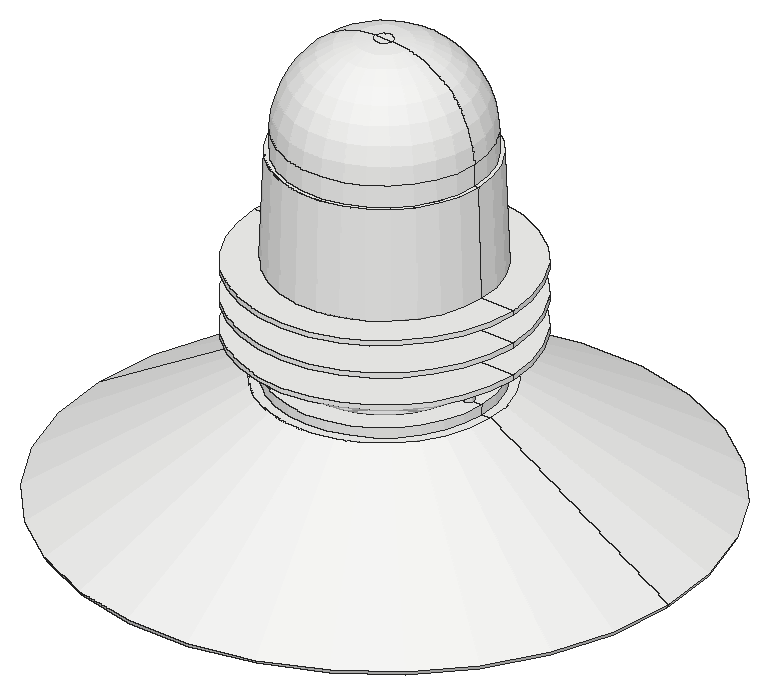
Revit family "UCS Retrofit", category Lighting Fixtures, Revit 2012
Parameters (values of type "16" ø STR 70 Watt MH-FCO")
  Wattage Comments = "70 watt medium base clear ED-17 MH"
  Voltage = 120 V  # constant formula
  URL = "www.aal.net"
  Type Comments = "on relamp door. full cutoff"
  Series = "Universe"  # constant formula
  Straight Hood = yes
  Skirted Bell Hood = no
  Revision Date = "02/22/2010"  # constant formula
  Photometric Web = Web UCS : UCS-FLR-70MH-FCO
  Default elevation = 0.000"
  Note Visible = yes
  External Housing Radius = 8.000"
  Housing Radius = 2.75391"  # constant formula
  Power Factor = 1  # constant formula
  OmniClass Title = "Post-Top Lighting"  # constant formula
  OmniClass Number = "23.80.70.14.11.14"  # constant formula
  Number of Poles = 1
  Note Text = "LF"  # constant formula
  Model = "UCS"  # constant formula
  MasterFormat Title = "Area Lighting"  # constant formula
  MasterFormat Number = "26.56.29"  # constant formula
  Manufacturer = "Architectural Area Lighting"  # constant formula
  Lamp = "Metal Halide"
  LEED = "www.usgbc.org"
  Housing Material = Aluminum-AAL-Artic White
  Housing Height = 12.68359"
  Glass Material = Glass-AAL-Acrylic
  Full Load Current = 0.73 A  # constant formula
  Frequency = 60 Hz  # constant formula
  Flared Hood = no
  Description = "Lighting Fixture"  # constant formula
  Assembly Code = "D5020200"
  Architectural Design Manual = "http://cdn.aal.net/content/products/specs/specs_files/aal_ucs_spec.pdf"
  Apparent Load = 70 VA
Types (6): name | Wattage Comments | Type Comments | Straight Hood | Skirted Bell Hood | External Housing Radius | Lamp | Housing Height | Flared Hood | Architectural Design Manual | Apparent Load
  (no name) | "70 watt medium base clear ED-17 MH" | "on relamp door. full cutoff" | yes | no | 8.000" | "Metal Halide" | 12.68359" | no | "http://cdn.aal.net/content/products/specs/specs_files/aal_ucs_spec.pdf" | 70 VA
  13" ø FLR 70 Watt MH-FCO | "70 watt medium base clear ED-17 HM lamp" | "with opal glass lens" | no | no | 7.500" | "Metal Halide" | 13.000" | yes | "www.aal.net/sections/downloads/html/downloads.html" | 70 VA
  16" ø SKB 70 Watt MH-FCO | "70 watt medium base clear ED-17 HM lamp" | "with skirted bell hood, full cutoff" | no | yes | 7.500" | "Metal Halide" | 16.000" | no | "www.aal.net/sections/downloads/html/downloads.html" | 70 VA
  16" ø STR 42 Watt CFL | "42 watt CFL" | "on relamp door" | yes | no | 8.000" | "Compact Fluorescent" | 12.68359" | no | "www.aal.net/sections/downloads/html/downloads.html" | 42 VA
  16" ø STR 70 Watt MH | "70 watt medium base clear E-17 MH" | "on relamp door" | yes | no | 8.000" | "Metal Halide" | 12.68359" | no | "www.aal.net/sections/downloads/html/downloads.html" | 70 VA
  16" ø STR 70 Watt MH-FCO | "70 watt medium base clear ED-17 MH" | "on relamp door. full cutoff" | yes | no | 8.000" | "Metal Halide" | 12.68359" | no | "http://cdn.aal.net/content/products/specs/specs_files/aal_ucs_spec.pdf" | 70 VA
Reference planes (in)
  plane 1 "Light Source Axis (F/B)": y = 0
  plane 2 "Bottom": z = 0
  plane 3 "Light Source Axis (L/R)": x = 0
  plane 4 "Light Source Elevation": z = 6.3418
  plane 5 "Top": z = 12.68359
  plane 6: x = 2.75391
  plane 7: x = 8
Forms (in)
  Revolve 1, solid, material "Aluminum-AAL-Artic White" <- "Housing Material", detail levels fine
    sketch origin (0, 0, 0) x (1, 0, 0) y (0, 0, 1)
      loop
        line (3.62779, 5.48889) -> (2.19682, 5.48889) -> (2.19682, 5.36389) -> (3.62779, 5.36389) -> (3.62779, 5.48889)
      loop
        line (3.62779, 6.29889) -> (2.19682, 6.29889) -> (2.19682, 6.17389) -> (3.62779, 6.17389) -> (3.62779, 6.29889)
      loop
        line (3.62779, 7.11139) -> (2.75391, 7.11139) -> (2.65787, 9.86139) -> (2.54931, 9.86139) -> (2.53096, 10.38688)
        arc (2.53096, 10.38688) -> (1.85827, 12.0109) -> (0.23425, 12.68359) r 2.29671
        line (0.23425, 12.68359) -> (0, 12.68359) -> (0, 12.55859) -> (0.23425, 12.55859)
        arc (0.23425, 12.55859) -> (1.39548, 12.22206) -> (2.19682, 11.31675) r 2.17171
        line (2.19682, 11.31675) -> (2.19682, 6.98639) -> (3.62779, 6.98639) -> (3.62779, 7.11139)
      axis (0, 12.68359) -> (0, 5.36389)
    angle from 0 to 360
  Revolve 2, solid, material "Glass-AAL-Acrylic" <- "Glass Material", detail levels medium+fine
    sketch origin (0, 0, 0) x (1, 0, 0) y (0, 0, 1)
      loop
        line (2.16785, 7.11139) -> (2.10535, 7.11139) -> (2.10535, 2.16785)
        arc (2.10535, 2.16785) -> (1.48871, 0.67914) -> (0, 0.0625) r 2.10535
        line (0, 0.0625) -> (0, 0)
        arc (0, 0) -> (1.5329, 0.63495) -> (2.16785, 2.16785) r 2.16785
        line (2.16785, 2.16785) -> (2.16785, 7.11139)
      axis (0, 7.11139) -> (0, 0)
    angle from 0 to 360
  Revolve 3, solid, material "Aluminum-AAL-Artic White" <- "Housing Material", detail levels coarse+medium
    sketch origin (0, 0, 0) x (1, 0, 0) y (0, 0, 1)
      loop
        line (8, 1.23024) -> (3.00186, 4.17711) -> (2.75391, 4.17711) -> (2.75391, 7.11139) -> (2.75391, 9.92969)
        arc (2.75391, 9.92969) -> (1.94731, 11.87699) -> (0, 12.68359) r 2.75391
        line (0, 12.68359) -> (0, 7.11139) -> (2.16795, 7.11139) -> (2.16795, 4.05211) -> (2.96775, 4.05211) -> (7.93651, 1.12256) -> (8, 1.23024)
      axis (0, 12.68359) -> (0, 1.12256)
    angle from 0 to 360
  Revolve 4, solid, material "Aluminum-AAL-Artic White" <- "Housing Material", visible <- "Straight Hood", detail levels fine
    sketch origin (-12, 0, 0) x (1, 0, 0) y (0, 0, 1)
      loop
        line (15.00186, 4.17711) -> (14.75391, 4.17711) -> (14.75391, 4.42711) -> (14.16892, 4.42711) -> (14.16892, 4.30211) -> (14.62891, 4.05211) -> (14.96775, 4.05211) -> (19.93651, 1.12256) -> (20, 1.23024) -> (15.00186, 4.17711)
      axis (12, 4.42711) -> (12, 1.12256)
    angle from 0 to 360
  Revolve 5, solid, material "Aluminum-AAL-Artic White" <- "Housing Material", visible <- "Skirted Bell Hood", detail levels fine
    sketch origin (0, 0, 0) x (1, 0, 0) y (0, 0, 1)
      loop
        arc (7.13166, 1.23024) -> (5.35604, 3.39459) -> (2.75391, 4.42711) r 5.59204
        line (2.75391, 4.42711) -> (2.16785, 4.42711) -> (2.16785, 4.30211) -> (2.74606, 4.30211)
        arc (2.74606, 4.30211) -> (5.29, 3.28803) -> (7.02297, 1.16746) r 5.46704
        line (7.02297, 1.16746) -> (7.847, 0) -> (8, 0) -> (7.13166, 1.23024)
      axis (0, 4.42711) -> (0, 0)
    angle from 0 to 360
  Revolve 6, solid, material "Aluminum-AAL-Artic White" <- "Housing Material", visible <- "Flared Hood", detail levels fine
    sketch origin (0, 0, 0) x (1, 0, 0) y (0, 0, 1)
      loop
        line (2.16639, 4.42711) -> (2.16639, 4.30211) -> (2.62891, 4.1504)
        arc (2.62891, 4.1504) -> (4.7836, 1.6526) -> (7.63854, 0) r 9.91422
        line (7.63854, 0) -> (8, 0)
        arc (8, 0) -> (5.00829, 1.62554) -> (2.75391, 4.17711) r 9.79355
        line (2.75391, 4.17711) -> (2.75391, 4.42711) -> (2.16639, 4.42711)
      axis (0, 4.42711) -> (0, 0)
    angle from 0 to 360
  Extrusion 7, solid, material "Aluminum-AAL-Artic White" <- "Housing Material", detail levels fine
    sketch origin (0, 0, 6.3418) x (0, -1, 0) y (1, 0, 0)
      loop
        circle (0, -2.375) r 0.125
      loop
        circle (0, 2.375) r 0.125
    from -1.91469 to 0.64459
Lines and regions (in)
  Masking region 1, detail levels coarse
    outline origin (0, 0, 0) x (1, 0, 0) y (0, 0, 1)
      loop
        line (8, 0) -> (2.75391, 6.3418) -> (2.75391, 9.92969)
        arc (2.75391, 9.92969) -> (0, 12.68359) -> (-2.75391, 9.92969) r 2.75391
        line (-2.75391, 9.92969) -> (-2.75391, 6.3418) -> (-8, 0) -> (8, 0)
  Masking region 2, detail levels medium+fine
    outline origin (0, 0, 0) x (1, 0, 0) y (0, 0, 1)
      loop
        line (3.62779, 5.48889) -> (2.16785, 5.48889) -> (2.16785, 6.17389) -> (3.62779, 6.17389) -> (3.62779, 6.29889) -> (2.16785, 6.29889) -> (2.16785, 6.98639) -> (3.62779, 6.98639) -> (3.62779, 7.11139) -> (2.75391, 7.11139) -> (2.65787, 9.86139) -> (2.52034, 9.86139) -> (2.50199, 10.38688)
        arc (2.50199, 10.38688) -> (1.8293, 12.0109) -> (0.20528, 12.68359) r 2.29671
        line (0.20528, 12.68359) -> (-0.20528, 12.68359)
        arc (-0.20528, 12.68359) -> (-1.8293, 12.0109) -> (-2.50199, 10.38688) r 2.29671
        line (-2.50199, 10.38688) -> (-2.52034, 9.86139) -> (-2.65787, 9.86139) -> (-2.75391, 7.11139) -> (-3.62779, 7.11139) -> (-3.62779, 6.98639) -> (-2.16785, 6.98639) -> (-2.16785, 6.29889) -> (-3.62779, 6.29889) -> (-3.62779, 6.17389) -> (-2.16785, 6.17389) -> (-2.16785, 5.48889) -> (-3.62779, 5.48889) -> (-3.62779, 5.36389) -> (-2.16785, 5.36389) -> (-2.16785, 4.42711) -> (2.16785, 4.42711) -> (2.16785, 5.36389) -> (3.62779, 5.36389) -> (3.62779, 5.48889)
  Masking region 3, detail levels coarse
    outline origin (0, 0, 0) x (0, 1, 0) y (0, 0, 1)
      loop
        line (8, 0) -> (2.75391, 5.24609) -> (2.75391, 9.92969)
        arc (2.75391, 9.92969) -> (0, 12.68359) -> (-2.75391, 9.92969) r 2.75391
        line (-2.75391, 9.92969) -> (-2.75391, 5.24609) -> (-8, 0) -> (8, 0)
  Masking region 4, detail levels medium+fine
    outline origin (0, 0, 0) x (0, 1, 0) y (0, 0, 1)
      loop
        line (-3.62779, 5.48889) -> (-3.62779, 5.36389) -> (-2.17088, 5.36389) -> (-2.17088, 4.42711) -> (2.17088, 4.42711) -> (2.17088, 5.36389) -> (3.62779, 5.36389) -> (3.62779, 5.48889) -> (2.17088, 5.48889) -> (2.17088, 6.17389) -> (3.62779, 6.17389) -> (3.62779, 6.29889) -> (2.17088, 6.29889) -> (2.17088, 6.98639) -> (3.62779, 6.98639) -> (3.62779, 7.11139) -> (2.75391, 7.11139) -> (2.65787, 9.86139) -> (2.52034, 9.86139) -> (2.50199, 10.38688)
        arc (2.50199, 10.38688) -> (1.8293, 12.0109) -> (0.20528, 12.68359) r 2.29671
        line (0.20528, 12.68359) -> (-0.20528, 12.68359)
        arc (-0.20528, 12.68359) -> (-1.8293, 12.0109) -> (-2.50199, 10.38688) r 2.29671
        line (-2.50199, 10.38688) -> (-2.52034, 9.86139) -> (-2.65787, 9.86139) -> (-2.75391, 7.11139) -> (-3.62779, 7.11139) -> (-3.62779, 6.98639) -> (-2.17088, 6.98639) -> (-2.17088, 6.29889) -> (-3.62779, 6.29889) -> (-3.62779, 6.17389) -> (-2.17088, 6.17389) -> (-2.17088, 5.48889) -> (-3.62779, 5.48889)
  Masking region 5, detail levels coarse
    outline origin (0, 0, 0) x (1, 0, 0) y (0, 1, 0)
      loop
        circle (0, 0) r 8
  Masking region 6, detail levels medium+fine
    outline origin (0, 0, 0) x (1, 0, 0) y (0, 1, 0)
      loop
        circle (0, 0) r 8
  Masking region 7, visible <- "Straight Hood", detail levels medium+fine
    outline origin (-18, 0, 0) x (1, 0, 0) y (0, 0, 1)
      loop
        arc (16.03583, 1.23024) -> (18, 0) -> (19.96417, 1.23024) r 2.18308
        line (19.96417, 1.23024) -> (26, 1.23024) -> (21.00186, 4.17711) -> (20.75391, 4.17711) -> (20.75391, 4.42711) -> (15.24609, 4.42711) -> (15.24609, 4.17711) -> (14.99814, 4.17711) -> (10, 1.23024) -> (16.03583, 1.23024)
  Masking region 8, visible <- "Skirted Bell Hood", detail levels medium+fine
    outline origin (0, 0, 0) x (1, 0, 0) y (0, 0, 1)
      loop
        arc (-2.75391, 4.42711) -> (-5.08311, 2.9859) -> (-7.18546, 1.23024) r 19.34857
        line (-7.18546, 1.23024) -> (-8, 0) -> (8, 0) -> (7.18546, 1.23024)
        arc (7.18546, 1.23024) -> (5.08311, 2.9859) -> (2.75391, 4.42711) r 19.34857
        line (2.75391, 4.42711) -> (-2.75391, 4.42711)
  Masking region 9, visible <- "Flared Hood", detail levels medium+fine
    outline origin (0, 0, 0) x (1, 0, 0) y (0, 0, 1)
      loop
        line (2.75391, 4.42711) -> (-2.75391, 4.42711) -> (-2.75391, 4.17711)
        arc (-2.75391, 4.17711) -> (-4.89285, 1.48056) -> (-8, 0) r 7.6214
        line (-8, 0) -> (8, 0)
        arc (8, 0) -> (4.89285, 1.48056) -> (2.75391, 4.17711) r 7.6214
        line (2.75391, 4.17711) -> (2.75391, 4.42711)
  Masking region 10, visible <- "Straight Hood", detail levels medium+fine
    outline origin (0, 24, 0) x (0, 1, 0) y (0, 0, 1)
      loop
        arc (-25.96407, 1.23024) -> (-24, 0) -> (-22.03593, 1.23024) r 2.18293
        line (-22.03593, 1.23024) -> (-16, 1.23024) -> (-20.99814, 4.17711) -> (-21.24609, 4.17711) -> (-21.24609, 4.42711) -> (-26.75391, 4.42711) -> (-26.75391, 4.17711) -> (-27.00186, 4.17711) -> (-32, 1.23024) -> (-25.96407, 1.23024)
  Masking region 11, visible <- "Skirted Bell Hood", detail levels medium+fine
    outline origin (0, 0, 0) x (0, 1, 0) y (0, 0, 1)
      loop
        arc (-2.75391, 5.19535) -> (-5.12222, 3.41091) -> (-7.13166, 1.23024) r 16.44859
        line (-7.13166, 1.23024) -> (-8, 0) -> (8, 0) -> (7.13166, 1.23024)
        arc (7.13166, 1.23024) -> (5.12222, 3.41091) -> (2.75391, 5.19535) r 16.44859
        line (2.75391, 5.19535) -> (-2.75391, 5.19535)
  Masking region 12, visible <- "Flared Hood", detail levels medium+fine
    outline origin (0, 0, 0) x (0, 1, 0) y (0, 0, 1)
      loop
        line (2.75391, 4.42711) -> (-2.75391, 4.42711) -> (-2.75391, 4.17711)
        arc (-2.75391, 4.17711) -> (-4.89897, 1.48825) -> (-8, 0) r 7.70915
        line (-8, 0) -> (8, 0)
        arc (8, 0) -> (4.89897, 1.48825) -> (2.75391, 4.17711) r 7.70915
        line (2.75391, 4.17711) -> (2.75391, 4.42711)
  symbolic lines, detail levels fine
    curve 1: line (3.62779, 0, 5.36389) -> (-3.62779, 0, 5.36389)
    curve 2: line (3.62779, 0, 5.48889) -> (-3.62779, 0, 5.48889)
    curve 3: line (3.62779, 0, 6.17389) -> (-3.62779, 0, 6.17389)
    curve 4: line (3.62779, 0, 6.29889) -> (-3.62779, 0, 6.29889)
    curve 5: line (3.62779, 0, 6.98639) -> (-3.62779, 0, 6.98639)
    curve 6: line (3.62779, 0, 7.11139) -> (-3.62779, 0, 7.11139)
    curve 7: line (2.52034, 0, 9.86139) -> (-2.52034, 0, 9.86139)
    curve 8: line (0, 2.75391, 6.08531) -> (0, -2.75391, 6.08531)
    curve 9: line (0, 3.62779, 5.36389) -> (0, -3.62779, 5.36389)
    curve 10: line (0, 3.62779, 5.48889) -> (0, -3.62779, 5.48889)
    curve 11: line (0, 3.62779, 6.17389) -> (0, -3.62779, 6.17389)
    curve 12: line (0, 3.62779, 6.29889) -> (0, -3.62779, 6.29889)
    curve 13: line (0, 3.62779, 6.98639) -> (0, -3.62779, 6.98639)
    curve 14: line (0, 3.62779, 7.11139) -> (0, -3.62779, 7.11139)
    curve 15: line (0, 2.52034, 9.86139) -> (0, -2.52034, 9.86139)
    curve 16: circle (0, 0, 0) r 3.62779 normal (0, 0, 1)
    curve 17: circle (0, 0, 0) r 2.19682 normal (0, 0, 1)
  symbolic lines, visible <- "Straight Hood", detail levels fine
    curve 18: line (2.75391, 0, 4.17711) -> (-2.75391, 0, 4.17711)
    curve 20: line (-2.75391, 0, 1.23024) -> (2.75391, 0, 1.23024)
    curve 22: line (0, 2.75391, 1.23024) -> (0, -2.75391, 1.23024)
  symbolic lines, visible <- "Skirted Bell Hood", detail levels fine
    curve 19: line (-7.18546, 0, 1.23024) -> (7.18546, 0, 1.23024)
    curve 23: line (0, -7.13166, 1.23024) -> (0, 7.13166, 1.23024)
  symbolic lines, visible <- "Flared Hood", detail levels fine
    curve 21: line (2.75391, 0, 4.17711) -> (-2.75391, 0, 4.17711)
    curve 24: line (0, 2.75391, 4.17711) -> (0, -2.75391, 4.17711)
  symbolic lines, style "LightingFixturesHiddenLines", detail levels coarse
    curve 25: line (5.65685, -5.65685, 0) -> (-5.65685, 5.65685, 0)
    curve 26: line (5.65685, 5.65685, 0) -> (-5.65685, -5.65685, 0)
  reference lines
    curve 27: circle (0, 0, 0) r 0.5 normal (0, 0, 1)
Dimensions and locks (in)
  "Housing Radius": plane 6 to plane 3 "Light Source Axis (L/R)"
  "External Housing Radius": plane 7 to plane 3 "Light Source Axis (L/R)"
  equal spacing: plane 5 "Top", plane 4 "Light Source Elevation", plane 2 "Bottom"
  "Housing Height": plane 5 "Top" to plane 2 "Bottom"
  Revolve 1 sketch curve to Revolve 1 sketch curve to Revolve 1 sketch curve to plane 6 to Revolve 1 sketch curve to Revolve 1 sketch curve to Revolve 1 sketch curve to Revolve 1 sketch curve to Revolve 1 sketch curve to Revolve 1 sketch curve to Revolve 1 sketch curve = 0.000", 0.000", 0.87388" locked, 0.000" locked, 0.09603" locked, 0.10856" locked, 0.01835" locked, 0.33414" locked, 0.000", 0.000"
  Revolve 1 sketch curve to Revolve 1 sketch curve to plane 4 "Light Source Elevation" to Revolve 1 sketch curve to Revolve 1 sketch curve to Revolve 1 sketch curve to Revolve 1 sketch curve = 0.125" locked, 0.64459" locked, 0.04291" locked, 0.125" locked, 0.685" locked, 0.125" locked
  plane 5 "Top" to Revolve 1 sketch curve to Revolve 1 sketch curve to Revolve 1 sketch curve to Revolve 1 sketch curve = 0.125" locked, 1.24185" locked, 0.92987" locked, 0.52549" locked
  Revolve 2 sketch curve to plane 2 "Bottom" to Revolve 2 sketch curve = 0.0625" locked, 0.000" locked
  locked: plane 5 "Top" to Revolve 2 sketch curve at 5.5722
  plane 6 to Revolve 2 sketch curve to Revolve 2 sketch curve = 0.58606" locked, 0.0625" locked
  Revolve 3 sketch curve to Revolve 3 sketch curve to plane 2 "Bottom" = 0.10768" locked, 1.12256" locked
  plane 7 to Revolve 3 sketch curve to Revolve 3 sketch curve = 0.000" locked, 0.06349" locked
  Revolve 3 sketch curve to Revolve 3 sketch curve to plane 6 to Revolve 3 sketch curve = 0.03411" locked, 0.21384" locked, 0.58595" locked
  plane 5 "Top" to Revolve 3 sketch curve to Revolve 3 sketch curve = 0.000" locked, 5.5722" locked
  plane 4 "Light Source Elevation" to Revolve 3 sketch curve to Revolve 3 sketch curve = 2.16469" locked, 0.125" locked
  locked: plane 5 "Top" to Masking region 1 sketch curve at 0
  Masking region 1 sketch curve to Masking region 1 sketch curve to plane 4 "Light Source Elevation" to Masking region 1 sketch curve to Masking region 1 sketch curve = 0.000" locked, 3.58789" locked, 0.000", 0.000"
  locked: plane 7 to Masking region 1 sketch curve at 0
  "External Housing Radius": plane 3 "Light Source Axis (L/R)" to Masking region 1 sketch curve
  Masking region 2 sketch curve to Masking region 2 sketch curve to plane 4 "Light Source Elevation" to Masking region 2 sketch curve to Masking region 2 sketch curve to Masking region 2 sketch curve to Masking region 2 sketch curve to Masking region 2 sketch curve = 0.125", 0.64459", 0.04291", 0.125", 0.685", 0.125", 0.93678"
  locked: plane 5 "Top" to Masking region 2 sketch curve at 2.8222
  equal spacing: Masking region 2 sketch curve, Masking region 2 sketch curve, Masking region 2 sketch curve, plane 6, Masking region 2 sketch curve, Masking region 2 sketch curve, Masking region 2 sketch curve, Masking region 2 sketch curve, Masking region 2 sketch curve, Masking region 2 sketch curve, Masking region 2 sketch curve
  equal spacing: Masking region 2 sketch curve, Masking region 2 sketch curve, Masking region 2 sketch curve, Masking region 2 sketch curve, Masking region 2 sketch curve, Masking region 2 sketch curve, Masking region 2 sketch curve, Masking region 2 sketch curve, Masking region 2 sketch curve, Masking region 2 sketch curve
  "External Housing Radius": plane 1 "Light Source Axis (F/B)" to Masking region 3 sketch curve
  "Housing Radius": plane 1 "Light Source Axis (F/B)" to Masking region 3 sketch curve
  "External Housing Radius": Masking region 3 sketch curve to plane 1 "Light Source Axis (F/B)"
  "Housing Radius": Masking region 3 sketch curve to plane 1 "Light Source Axis (F/B)"
  locked: plane 5 "Top" to Masking region 3 sketch curve at 0
  Masking region 4 sketch curve to Masking region 4 sketch curve to Masking region 4 sketch curve to Masking region 4 sketch curve to Masking region 4 sketch curve to plane 4 "Light Source Elevation" to Masking region 4 sketch curve to Masking region 4 sketch curve to Masking region 4 sketch curve = 0.93678" locked, 0.125" locked, 0.685" locked, 0.125" locked, 0.04291" locked, 0.64459" locked, 0.125" locked, 2.750" locked
  Masking region 4 sketch curve to Masking region 4 sketch curve to Masking region 4 sketch curve to Masking region 4 sketch curve to Masking region 4 sketch curve to Masking region 4 sketch curve = 0.33111" locked, 0.01835" locked, 0.13753" locked, 0.09603" locked, 0.87388" locked
  Masking region 4 sketch curve to Masking region 4 sketch curve to Masking region 4 sketch curve to Masking region 4 sketch curve to Masking region 4 sketch curve to Masking region 4 sketch curve = 0.87388" locked, 0.09603" locked, 0.13753" locked, 0.01835" locked, 0.33111" locked
  Revolve 4 sketch curve to Revolve 4 sketch curve to plane 6 to Revolve 4 sketch curve = 0.03411" locked, 0.21384" locked, 0.58499" locked
  plane 7 to Revolve 4 sketch curve to Revolve 4 sketch curve = 0.000" locked, 0.06349" locked
  Revolve 4 sketch curve to Revolve 4 sketch curve to plane 2 "Bottom" = 0.10768" locked, 1.12256" locked
  plane 4 "Light Source Elevation" to Revolve 4 sketch curve to Revolve 4 sketch curve to Revolve 4 sketch curve = 1.91469" locked, 0.250" locked, 0.125" locked
  plane 7 to Revolve 5 sketch curve to Revolve 5 sketch curve to Revolve 5 sketch curve = 0.153" locked, 0.71534" locked, 0.10869" locked
  locked: plane 6 to Revolve 5 sketch curve at 0.58606
  Revolve 5 sketch curve to Revolve 5 sketch curve to plane 2 "Bottom" = 0.06278" locked, 1.16746" locked
  plane 4 "Light Source Elevation" to Revolve 5 sketch curve to Revolve 5 sketch curve = 1.91469" locked, 0.125" locked
  locked: Revolve 5 sketch curve to Revolve 5 sketch curve at 0.125
  locked: plane 7 to Revolve 6 sketch curve at 0.36146
  plane 6 to Revolve 6 sketch curve to Revolve 6 sketch curve = 0.125" locked, 0.46251" locked
  plane 4 "Light Source Elevation" to Revolve 6 sketch curve to Revolve 6 sketch curve to Revolve 6 sketch curve = 1.91469" locked, 0.125" locked, 0.15171" locked
  plane 4 "Light Source Elevation" to Masking region 7 sketch curve to Masking region 7 sketch curve = 1.91469" locked, 0.250" locked
  locked: plane 2 "Bottom" to Masking region 7 sketch curve at 0
  Masking region 7 sketch curve to plane 3 "Light Source Axis (L/R)" to Masking region 7 sketch curve = 1.96417" locked, 1.96417" locked
  Masking region 7 sketch curve to plane 2 "Bottom" = 1.23024"
  "External Housing Radius": plane 3 "Light Source Axis (L/R)" to Masking region 7 sketch curve
  locked: plane 4 "Light Source Elevation" to Masking region 8 sketch curve at 1.91469
  Masking region 8 sketch curve to Masking region 8 sketch curve to plane 2 "Bottom" = 0.000" locked, 1.23024" locked
  "External Housing Radius": plane 3 "Light Source Axis (L/R)" to Masking region 8 sketch curve
  locked: Masking region 8 sketch curve to Masking region 8 sketch curve at 0.81454
  locked: plane 7 to Masking region 8 sketch curve at 0.81454
  locked: plane 3 "Light Source Axis (L/R)" to Masking region 8 sketch curve at 2.75391
  "Housing Radius": plane 3 "Light Source Axis (L/R)" to curve 20
  "External Housing Radius": plane 3 "Light Source Axis (L/R)" to Masking region 9 sketch curve
  plane 4 "Light Source Elevation" to Masking region 9 sketch curve to Masking region 9 sketch curve = 2.16469" locked, 0.000" locked
  Masking region 10 sketch curve to Masking region 10 sketch curve to plane 4 "Light Source Elevation" = 0.250" locked, 1.91469" locked
  Masking region 10 sketch curve to Masking region 10 sketch curve to plane 1 "Light Source Axis (F/B)" to Masking region 10 sketch curve to Masking region 10 sketch curve = 0.24795" locked, 2.75391" locked, 2.75391" locked, 0.24795" locked
  Masking region 10 sketch curve to plane 2 "Bottom" to Masking region 10 sketch curve = 1.23024" locked, 0.000" locked
  "External Housing Radius": plane 1 "Light Source Axis (F/B)" to Masking region 10 sketch curve
  "External Housing Radius": Masking region 10 sketch curve to plane 1 "Light Source Axis (F/B)"
  "Housing Radius": curve 22 to plane 1 "Light Source Axis (F/B)"
  "Housing Radius": plane 1 "Light Source Axis (F/B)" to curve 22
  Masking region 11 sketch curve to plane 1 "Light Source Axis (F/B)" to Masking region 11 sketch curve = 2.75391" locked, 2.75391" locked
  locked: Masking region 11 sketch curve to Masking region 11 sketch curve at 0.86834  (x2)
  "External Housing Radius": Masking region 11 sketch curve to plane 1 "Light Source Axis (F/B)"
  "External Housing Radius": plane 1 "Light Source Axis (F/B)" to Masking region 11 sketch curve
  Masking region 11 sketch curve to Masking region 11 sketch curve to plane 2 "Bottom" = 0.000" locked, 1.23024" locked
  "External Housing Radius": Masking region 12 sketch curve to plane 1 "Light Source Axis (F/B)"
  "External Housing Radius": plane 1 "Light Source Axis (F/B)" to Masking region 12 sketch curve
  Masking region 12 sketch curve to Masking region 12 sketch curve to plane 4 "Light Source Elevation" = 0.000" locked, 2.16469" locked
  "External Housing Radius": curve 25 to curve 27  (x2)
  "External Housing Radius": curve 26 to curve 27  (x2)
  equal spacing: Masking region 6, curve 26, Masking region 6
  equal spacing: Masking region 6, curve 25, Masking region 6
  "Default elevation": plane 2 "Bottom" to level
  Extrusion 7 sketch curve to plane 3 "Light Source Axis (L/R)" to Extrusion 7 sketch curve = 2.375" locked, 2.375" locked
  Extrusion 7 to plane 4 "Light Source Elevation" to Extrusion 7 = 0.64459" locked, 1.91469" locked
  "External Housing Radius": radius of Masking region 5 sketch curve
  "External Housing Radius": radius of Masking region 6 sketch curve
  locked: Masking region 3 sketch curve to plane 2 "Bottom" (angle 45.00°)
  locked: plane 2 "Bottom" to Masking region 3 sketch curve (angle 45.00°)
  locked: curve 25 to plane 1 "Light Source Axis (F/B)" (angle 45.00°)
  locked: plane 1 "Light Source Axis (F/B)" to curve 26 (angle 45.00°)
  aligned and locked: plane 3 "Light Source Axis (L/R)" to nested 1
  aligned and locked: plane 1 "Light Source Axis (F/B)" to nested 1
  aligned and locked: Revolve 1 sketch curve to plane 3 "Light Source Axis (L/R)"
  aligned and locked: Revolve 1 sketch curve to Revolve 1 sketch curve
  aligned and locked: plane 5 "Top" to Revolve 1 sketch curve
  aligned and locked: Revolve 2 sketch curve to plane 3 "Light Source Axis (L/R)"
  aligned and locked: Revolve 2 sketch curve to Revolve 2 sketch curve
  aligned and locked: Revolve 3 sketch curve to plane 3 "Light Source Axis (L/R)"
  aligned and locked: Revolve 3 sketch curve to Revolve 3 sketch curve
  aligned and locked: Revolve 3 sketch curve to plane 6  (x2)
  aligned and locked: Masking region 1 sketch curve to plane 2 "Bottom"
  aligned and locked: plane 5 "Top" to Masking region 2 sketch curve
  aligned and locked: Masking region 2 sketch curve to Masking region 2 sketch curve  (x10)
  aligned and locked: curve 1 to Revolve 1
  aligned and locked: curve 2 to Revolve 1
  aligned and locked: curve 3 to Revolve 1
  aligned and locked: curve 4 to Revolve 1
  aligned and locked: curve 5 to Revolve 1
  aligned and locked: curve 6 to Revolve 1
  aligned and locked: Revolve 1 to curve 7
  aligned and locked: Masking region 2 to curve 1
  aligned and locked: curve 2 to Masking region 2
  aligned and locked: curve 1 to Masking region 2
  aligned and locked: Masking region 2 to curve 2
  aligned and locked: Masking region 2 to curve 4
  aligned and locked: curve 3 to Masking region 2
  aligned and locked: curve 4 to Masking region 2
  aligned and locked: Masking region 2 to curve 3
  aligned and locked: curve 6 to Masking region 2
  aligned and locked: Masking region 2 to curve 5
  aligned and locked: Masking region 2 to curve 6
  aligned and locked: curve 5 to Masking region 2
  aligned and locked: curve 7 to Masking region 2
  aligned and locked: Masking region 2 to curve 7
  aligned and locked: Masking region 3 sketch curve to plane 2 "Bottom"
  aligned and locked: Masking region 4 sketch curve to Masking region 4 sketch curve  (x15)
  aligned and locked: plane 5 "Top" to Masking region 4 sketch curve
  aligned and locked: curve 9 to Revolve 1
  aligned and locked: curve 10 to Revolve 1
  aligned and locked: curve 11 to Revolve 1
  aligned and locked: curve 12 to Revolve 1
  aligned and locked: curve 13 to Revolve 1
  aligned and locked: curve 14 to Revolve 1
  aligned and locked: curve 15 to Revolve 1
  aligned and locked: Masking region 4 to curve 9
  aligned and locked: curve 10 to Masking region 4
  aligned and locked: Masking region 4 to curve 11
  aligned and locked: curve 12 to Masking region 4
  aligned and locked: Masking region 4 to curve 13
  aligned and locked: curve 14 to Masking region 4
  aligned and locked: Masking region 4 to curve 15  (x2)
  aligned and locked: curve 9 to Masking region 4
  aligned and locked: Masking region 4 to curve 10
  aligned and locked: curve 11 to Masking region 4
  aligned and locked: Masking region 4 to curve 12
  aligned and locked: Masking region 4 to curve 14
  aligned and locked: curve 13 to Masking region 4
  aligned and locked: plane 1 "Light Source Axis (F/B)" to Masking region 5 sketch curve
  aligned and locked: plane 3 "Light Source Axis (L/R)" to Masking region 5 sketch curve
  aligned and locked: plane 1 "Light Source Axis (F/B)" to Masking region 6 sketch curve
  aligned and locked: plane 3 "Light Source Axis (L/R)" to Masking region 6 sketch curve
  aligned and locked: curve 16 to Revolve 1
  aligned and locked: curve 17 to Revolve 1
  aligned and locked: plane 6 to Revolve 4 sketch curve
  aligned and locked: Revolve 4 sketch curve to plane 3 "Light Source Axis (L/R)"
  aligned and locked: Revolve 5 sketch curve to plane 3 "Light Source Axis (L/R)"
  aligned and locked: plane 2 "Bottom" to Revolve 5 sketch curve
  aligned and locked: plane 6 to Revolve 5 sketch curve
  aligned and locked: Revolve 6 sketch curve to plane 3 "Light Source Axis (L/R)"
  aligned and locked: Revolve 6 sketch curve to plane 6
  aligned and locked: plane 7 to Revolve 6 sketch curve
  aligned and locked: plane 2 "Bottom" to Revolve 6 sketch curve
  aligned and locked: Masking region 7 sketch curve to Masking region 7 sketch curve  (x2)
  aligned and locked: plane 7 to Masking region 7 sketch curve
  aligned and locked: Revolve 4 to curve 18
  aligned and locked: plane 6 to curve 18
  aligned and locked: Masking region 7 to curve 18
  aligned and locked: Masking region 8 sketch curve to plane 2 "Bottom"
  aligned and locked: plane 7 to Masking region 8 sketch curve
  aligned and locked: curve 19 to Revolve 4
  aligned and locked: curve 19 to Masking region 8
  aligned and locked: Masking region 8 to curve 19
  aligned and locked: plane 6 to curve 20
  aligned and locked: curve 19 to curve 20
  aligned and locked: Masking region 9 sketch curve to Masking region 7
  aligned and locked: Masking region 9 sketch curve to plane 6
  aligned and locked: Masking region 9 sketch curve to plane 2 "Bottom"
  aligned and locked: plane 7 to Masking region 9 sketch curve
  aligned and locked: Masking region 9 to curve 21
  aligned and locked: plane 6 to curve 21
  aligned and locked: Revolve 4 to curve 21
  aligned and locked: Masking region 10 sketch curve to Masking region 10 sketch curve  (x2)
  aligned and locked: Masking region 10 to Masking region 10
  aligned and locked: Revolve 4 to curve 22
  aligned and locked: plane 2 "Bottom" to Masking region 11 sketch curve
  aligned and locked: curve 23 to Masking region 10
  aligned and locked: curve 23 to Masking region 11
  aligned and locked: Masking region 11 to curve 23
  aligned and locked: Masking region 12 sketch curve to Masking region 10  (x2)
  aligned and locked: plane 2 "Bottom" to Masking region 12 sketch curve
  aligned and locked: Revolve 4 to curve 24
  aligned and locked: Masking region 12 to curve 24
  aligned and locked: curve 24 to Masking region 12
  aligned and locked: plane 3 "Light Source Axis (L/R)" to curve 27
  aligned and locked: plane 1 "Light Source Axis (F/B)" to curve 27
  aligned and locked: plane 1 "Light Source Axis (F/B)" to Extrusion 7 sketch curve  (x2)
  aligned and locked: Extrusion 7 to Masking region 2
  aligned and locked: Revolve 1 to Extrusion 7
  aligned and locked: nested 2 to plane 3 "Light Source Axis (L/R)"
  aligned and locked: nested 2 to plane 1 "Light Source Axis (F/B)"
Automatic sketch dimensions
  Revolve 1 sketch curve to Revolve 1 sketch curve = 0.000"
  Revolve 1 sketch curve to level = 11.59245"
  Revolve 1 sketch curve to Revolve 1 sketch curve = 79.86141"
  Revolve 2 sketch curve to level = 11.59245"
  plane 5 "Top" to Revolve 2 sketch curve = 79.86141"
  Masking region 1 sketch curve to plane 3 "Light Source Axis (L/R)" = 0.000"
  Masking region 2 sketch curve to plane 6 = 0.000"
  Masking region 2 sketch curve to plane 6 = 0.09603"
  Masking region 2 sketch curve to Masking region 2 sketch curve = 0.13753"  (x2)
  Masking region 2 sketch curve to plane 6 = 0.25191"
  Masking region 2 sketch curve to plane 6 = 0.58606"
  plane 3 "Light Source Axis (L/R)" to Masking region 2 sketch curve = 0.20528"
  Masking region 2 sketch curve to plane 3 "Light Source Axis (L/R)" = 0.20528"
  Masking region 2 sketch curve to plane 3 "Light Source Axis (L/R)" = 2.16785"
  Masking region 2 sketch curve to plane 5 "Top" = 2.29671"
  Masking region 2 sketch curve to Masking region 2 sketch curve = 0.01835"
  Masking region 2 sketch curve to Masking region 2 sketch curve = 0.58606"
  Masking region 2 sketch curve to Masking region 2 sketch curve = 0.87388"
  Masking region 2 sketch curve to Masking region 2 sketch curve = 1.45994"
  Masking region 2 sketch curve to Masking region 2 sketch curve = 0.000"  (x3)
  plane 6 to Masking region 2 sketch curve = 0.87388"
  Masking region 2 sketch curve to Masking region 2 sketch curve = 0.52549"
  plane 1 "Light Source Axis (F/B)" to Masking region 4 sketch curve = 0.20528"
  Masking region 4 sketch curve to plane 1 "Light Source Axis (F/B)" = 0.20528"
  Revolve 5 sketch curve to Revolve 5 sketch curve = 0.000"  (x2)
  Revolve 5 sketch curve to plane 7 = 0.000"
  Revolve 5 sketch curve to level = 11.59245"
  plane 5 "Top" to Revolve 5 sketch curve = 79.545"
  Masking region 7 sketch curve to plane 6 = 0.000"
  Masking region 7 sketch curve to plane 3 "Light Source Axis (L/R)" = 3.00186"
  Masking region 7 sketch curve to Masking region 7 sketch curve = 0.24795"
  plane 6 to Masking region 7 sketch curve = 0.24795"
  Masking region 9 sketch curve to plane 4 "Light Source Elevation" = 1.10102"  (x2)
  Masking region 10 sketch curve to Masking region 10 sketch curve = 0.78983"
  Masking region 4 sketch curve to plane 1 "Light Source Axis (F/B)" = 2.17088"
  plane 1 "Light Source Axis (F/B)" to Masking region 4 sketch curve = 2.17088"
  Masking region 10 sketch curve to Masking region 10 sketch curve = 0.95269"
  plane 4 "Light Source Elevation" to curve 8 = 0.25649"
  curve 11 to curve 8 = 0.87388"
  curve 8 to curve 11 = 0.87388"
  Masking region 11 sketch curve to Masking region 11 sketch curve = 1.21175"  (x2)
  Masking region 12 sketch curve to plane 4 "Light Source Elevation" = 1.17736"  (x2)
  Revolve 3 sketch curve to level = 11.59245"
  Revolve 3 sketch curve to plane 4 "Light Source Elevation" = 0.76959"
  Revolve 3 sketch curve to Revolve 3 sketch curve = 79.86141"
  Masking region 8 sketch curve to plane 6 = 0.000"
  Masking region 8 sketch curve to plane 3 "Light Source Axis (L/R)" = 6.23668"
  Masking region 8 sketch curve to plane 7 = 1.76332"
  Revolve 4 sketch curve to level = 11.59245"
  plane 5 "Top" to Revolve 4 sketch curve = 79.86141"
  Revolve 4 sketch curve to plane 6 = 0.125"
  Revolve 4 sketch curve to Revolve 4 sketch curve = 0.125"
  Revolve 6 sketch curve to Revolve 6 sketch curve = 0.000"  (x2)
  Revolve 6 sketch curve to plane 4 "Light Source Elevation" = 2.94529"
  Revolve 6 sketch curve to level = 11.59245"
  plane 5 "Top" to Revolve 6 sketch curve = 79.545"
  Masking region 9 sketch curve to Masking region 9 sketch curve = 0.250"
  Masking region 11 sketch curve to level = 8.78038"
  Masking region 12 sketch curve to Masking region 12 sketch curve = 0.250"
  radius of curve 27 = 0.500"
  radius of Extrusion 7 sketch curve = 0.125"  (x2)
Nested families (in)
  nested 1: "Notation" at (0, 0, 0), visible <- "Note Visible", type "Notation"
  nested 2: "Web UCS" at (-0.03999, 0.23896, 6.98639) x (0, 1, 0) z (0, 0, -1), type <- "Photometric Web", type "UCS-FLR-70MH-FCO"
Connectors (in)
  electrical at (0, 0, 7.11139), driven by "Power Factor", driven by "Apparent Load", driven by "Apparent Load", driven by "Voltage", driven by "Number of Poles", driven by "Wattage Comments"
    settings: on Revolve 1, index 1, voltage 120 V, apparent load 70 VA, apparent load phase1 70 VA, apparent load phase2 0 VA, apparent load phase3 0 VA, power factor 1, load classification "Lighting", number of poles 1, system type 30, power factor state 0, is connector primary yes, connector utility no, sub classification motor no, connector description "70 watt medium base clear ED-17 MH"
Definition of nested family "Notation"
  Parameters (values of type "Notation")
    Notation = "LF"
  Reference planes (in)
    plane 1: y = 0
    plane 2: x = 0
  Text (in)
    label "Notation" at (0.02149, 0.07192, 0), shows "Notation"
Definition of nested family "Web UCS"
  Parameters (values of type "UCS-ANG-12LED-BW")
    Wattage Comments = ""
    Wattage = 32 W
    built-in parameter 1150110 = 1 (stored number, unit not read)
    URL = ""
    built-in parameter 1114217 = 1 (stored number, unit not read)
    Tilt Angle = -90.00°
    built-in parameter 1150109 = 1 (stored number, unit not read)
    built-in parameter 1150134 = (empty or 0)
    built-in parameter 1150113 = 1 (stored number, unit not read)
    Product Page URL = ""
    Product Documentation Link = ""
    Photometric Web File = "UCS-ANG-12LED-BW.IES"
    Model = ""
    Manufacturer Phone = ""
    Manufacturer Fax = ""
    Manufacturer = ""
    built-in parameter 1150105 = 206.9 (stored number, unit not read)
    Lumens = 2600 lm
    built-in parameter 1150115 = 1 (stored number, unit not read)
    built-in parameter 1150137 = (empty or 0)
    built-in parameter 1150139 = (empty or 0)
    built-in parameter 1150112 = 1 (stored number, unit not read)
    built-in parameter 1150114 = 1 (stored number, unit not read)
    Lamp = ""
    built-in parameter 1150132 = 1
    built-in parameter 1150102 = (empty or 0)
    built-in parameter 1150107 = 3000 (stored number, unit not read)
    built-in parameter 1150138 = (empty or 0)
    built-in parameter 1150106 = 2.069 (stored number, unit not read)
    Emit from Line Length = 1.000"
    built-in parameter 1150104 = 7.5484 (stored number, unit not read)
    Dimming Lamp Color Temperature Shift = (empty or 0)
    Description = ""
    Default Elevation = 48.000"
    Color Filter = 16777215
    built-in parameter 1114218 = 1 (stored number, unit not read)
    built-in parameter 1150133 = 10 (stored number, unit not read)
  Types (6): name | Photometric Web File | built-in parameter 1150105 | built-in parameter 1150132 | built-in parameter 1150106
    UCS-ANG-12LED-BW | "UCS-ANG-12LED-BW.IES" | 206.9 (stored number, unit not read) | 1 | 2.069 (stored number, unit not read)
    UCS-FLR-70MH-FCO | "UCS-FLR-70MH-FCO.IES" | 206.9 (stored number, unit not read) | (empty or 0) | 2.069 (stored number, unit not read)
    UCS-SKB-70MH-FCO | "UCS-SKB-70MH-FCO.IES" | 206.9 (stored number, unit not read) | (empty or 0) | 2.069 (stored number, unit not read)
    UCS-STR-42CF | "UCS-STR-70MH.IES" | 206.9 (stored number, unit not read) | (empty or 0) | 2.069 (stored number, unit not read)
    UCS-STR-70MH-FCO | "UCS-STR-70MH-FCO.IES" | 206.9 (stored number, unit not read) | (empty or 0) | 2.069 (stored number, unit not read)
    UCS-STR-70MH | "UCS-STR-70MH.IES" | 305.59 (stored number, unit not read) | 1 | 3.0559 (stored number, unit not read)
  Reference planes (in)
    plane 1 "Center (Front/Back)": y = 0.03999
    plane 2: z = 0
    plane 3 "Center (Left/Right)": x = -0.23896
  Forms (in)
    Extrusion 1, solid
      sketch origin (0, 0, 0.06357) x (1, 0, 0) y (0, 1, 0)
        loop
          line (-48, 48) -> (-48, -48) -> (48, -48) -> (48, 48) -> (-48, 48)
      from -0.06357 to -6.06357
  Lines and regions (in)
    reference lines
      curve 1: line (-0.23896, 0.03999, 18.11448) -> (-0.23896, 0.03999, -22.88552)
      curve 2: line (-0.23896, 0.03999, 34) -> (-0.23896, 0.03999, -22.88552)
      curve 3: line (-0.23896, 29.03999, 0) -> (-0.23896, -29.96001, 0)
      curve 4: line (-37.23896, 0.03999, 0) -> (40.76104, 0.03999, 0)
  Dimensions and locks (in)
    aligned and locked: plane 2 to Extrusion 1
    aligned and locked: level to Extrusion 1
    aligned and locked: plane 3 "Center (Left/Right)" to imposter light
    aligned and locked: imposter light to plane 1 "Center (Front/Back)"
    aligned and locked: curve 1 to plane 3 "Center (Left/Right)"
    aligned and locked: plane 1 "Center (Front/Back)" to curve 2
    aligned and locked: curve 3 to plane 3 "Center (Left/Right)"
    aligned and locked: plane 1 "Center (Front/Back)" to curve 4
